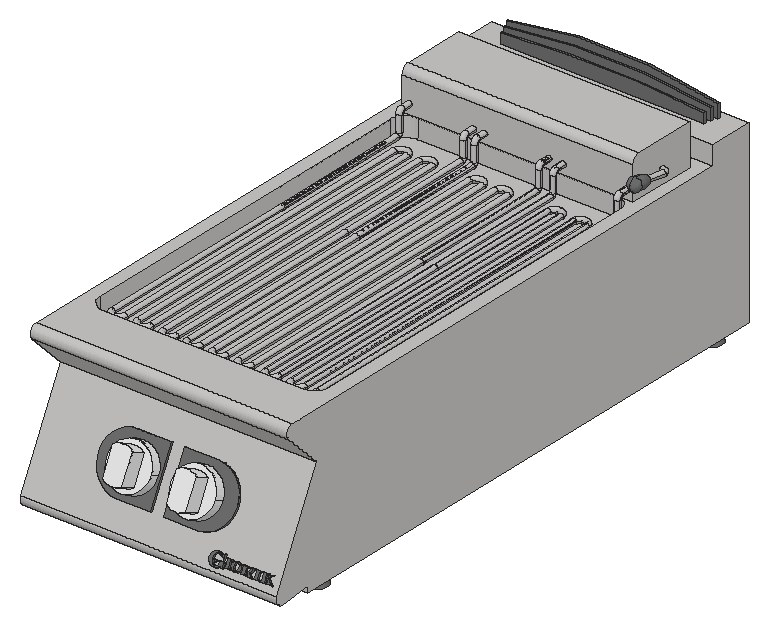
Revit family "QF_GIORIK_GL92TE", category Specialty Equipment, Revit 2014
Parameters (values of type "GL92TE")
  Weight in Pounds = 88.1848
  Watts = 5400 W
  Waste Water Discharge Temperature [instance] = 0 °C
  Volts = 400 V
  URL Cutsheet = "www.giorik.com"
  URL = "www.giorik.com"
  Status [instance] = ""
  Specification by User [instance] = ""
  Specification by Manufacturer = ""
  Show Logo [instance] = yes
  Show Clearance [instance] = yes
  Serial Number = ""
  Seismic Rating = ""
  SMACNA No = ""
  Revision Code [instance] = ""
  Plumbing Remarks [instance] = ""
  Plumbing Connection Type [instance] = ""
  Phase = 3
  Number of Poles [instance] = 3
  NAFEM Spec ID Number = ""
  Model = "GL92TE"
  Min Ckt Ampacity = 0 A
  Max Overcurrent Protection = 0 A
  Masterspec = ""
  Manufacturer = "GIORIK"
  Item Number [instance] = ""
  Installed By [instance] = ""
  Indirect Waste Size = 2 1/2"
  Indirect Waste Flow = 0.0 L/s
  Indirect Waste Connection Type [instance] = ""
  Indirect Waste Connection Height [instance] = 20 mm
  Identify Quantity as Lot [instance] = no
  HP = "7.241508000000"
  Furnished By [instance] = ""
  Foodservice Equipment Identifier [instance] = yes
  FL Amps = 0 A
  Electrical Remarks [instance] = ""
  Electric Connection Type [instance] = ""
  Elec Conn RI Height [instance] = 0 mm
  Elec Conn Connection Height [instance] = 20 mm
  Description = "ELECTRIC STEAMGRILL"
  Cycle = 50 Hz
  Conn Plug = ""
  Conn Conduit [instance] = no
  CSI MasterFormat = ""
  Assembly Code = "E1090320"
  Apparent Power = 5400 VA
Reference planes
  plane 1 "Back": y = 0
  plane 2: z = 0
  plane 3 "Left": x = 0
  plane 4 "Right": x = 400
  plane 5 "Front": y = -920
  plane 6 "Top": z = 300
Forms (mm)
  Extrusion 1, solid, visible <- "Show Logo"
    sketch origin (196.604, -936.761, 9.486) x (-1, 0, 0) y (0, 0.452718, 0.891654)
      loop
        line (-118.824, 58.358) -> (-127.804, 58.358) -> (-125.523, 56.445) -> (-125.523, 48.027) -> (-127.804, 46.113) -> (-118.824, 46.113) -> (-121.105, 48.027) -> (-121.105, 56.445) -> (-118.824, 58.358)
      loop
        line (-163.721, 58.358) -> (-172.7, 58.358) -> (-170.42, 56.445) -> (-170.42, 48.027) -> (-172.7, 46.113) -> (-163.721, 46.113) -> (-166.001, 48.027) -> (-166.001, 56.445) -> (-163.721, 58.358)
      loop
        line (-174.332, 58.358) -> (-183.312, 58.358) -> (-181.031, 56.445) -> (-181.031, 52.435) -> (-186.419, 56.955) -> (-184.416, 58.358) -> (-191.268, 58.358) -> (-188.01, 56.839) -> (-185.455, 54.283) -> (-190.846, 47.858) -> (-193.396, 46.93) -> (-193.396, 46.113) -> (-184.416, 46.113) -> (-185.437, 47.571) -> (-182.443, 51.552) -> (-181.031, 50.894) -> (-181.031, 48.027) -> (-183.312, 46.113) -> (-174.332, 46.113) -> (-176.613, 48.027) -> (-176.613, 56.445) -> (-174.332, 58.358)
      loop
        line (-115.429, 62.063) -> (-115.429, 54.198)
        arc (-115.429, 54.198) -> (-111.618, 57.803) -> (-106.847, 59.986) r 16.039
        arc (-106.847, 59.986) -> (-103.314, 59.837) -> (-100.512, 57.68) r 5.851
        arc (-100.512, 57.68) -> (-98.815, 52.267) -> (-100.512, 46.853) r 9.479
        arc (-100.512, 46.853) -> (-102.406, 44.986) -> (-104.846, 43.93) r 7.236
        arc (-104.846, 43.93) -> (-107.728, 44.111) -> (-110.052, 45.825) r 5.11
        line (-110.052, 45.825) -> (-110.052, 52.001) -> (-116.141, 52.001) -> (-116.141, 45.503) -> (-117.893, 43.751) -> (-114.094, 44.769)
        arc (-114.094, 44.769) -> (-112.56, 44.947) -> (-111.129, 44.366) r 3.115
        arc (-111.129, 44.366) -> (-104.216, 42.091) -> (-97.303, 44.366) r 11.641
        arc (-97.303, 44.366) -> (-93.396, 52.107) -> (-97.303, 59.849) r 9.622
        arc (-97.303, 59.849) -> (-104.369, 62.174) -> (-111.435, 59.849) r 11.898
        line (-111.435, 59.849) -> (-115.429, 62.063)
      loop
        arc (-129.234, 56.068) -> (-135.893, 58.628) -> (-142.552, 56.068) r 9.941
        arc (-142.552, 56.068) -> (-144.234, 52.286) -> (-142.552, 48.505) r 5.093
        arc (-142.552, 48.505) -> (-135.893, 45.945) -> (-129.234, 48.505) r 9.941
        arc (-129.234, 48.505) -> (-127.552, 52.286) -> (-129.234, 56.068) r 5.093
      loop
        arc (-132.628, 54.403) -> (-135.893, 57.668) -> (-139.158, 54.403) r 3.265
        line (-139.158, 54.403) -> (-139.158, 50.169)
        arc (-139.158, 50.169) -> (-135.893, 46.904) -> (-132.628, 50.169) r 3.265
        line (-132.628, 50.169) -> (-132.628, 54.403)
      loop
        arc (-156.363, 58.365) -> (-159.647, 55.081) -> (-156.363, 51.796) r 3.285
        line (-156.363, 51.796) -> (-159.529, 47.306) -> (-162.087, 46.113) -> (-155.847, 46.113) -> (-153.529, 51.083) -> (-150.637, 51.083) -> (-150.637, 47.784) -> (-153.022, 46.113) -> (-144.011, 46.113) -> (-146.094, 47.68) -> (-146.094, 56.493) -> (-144.229, 58.365) -> (-156.363, 58.365)
      loop
        line (-150.637, 57.512) -> (-153.637, 57.512)
        arc (-153.637, 57.512) -> (-156.237, 54.912) -> (-153.637, 52.312) r 2.6
        line (-153.637, 52.312) -> (-150.637, 52.312) -> (-150.637, 57.512)
      loop
        line (-108.924, 52.001) -> (-104.936, 49.005) -> (-100.948, 52.001) -> (-108.924, 52.001)
    from 1.5 to -0.5
  Extrusion 2, solid
    sketch origin (-4, 0, 5) x (1, 0, 0) y (0, 1, 0)
      loop
        circle (54, -385) r 12.5
    from 0 to 15
  Extrusion 3, solid
    sketch origin (0, 800, -620) x (0, 1, 0) y (0, 0, 1)
      loop
        line (-800, 919.988) -> (-870, 919.988) -> (-870, 889.988) -> (-1688.806, 889.988)
        arc (-1688.806, 889.988) -> (-1699.151, 883.075) -> (-1696.724, 870.873) r 11.197
        line (-1696.724, 870.873) -> (-1640.876, 815.025) -> (-1718.948, 661.258)
        arc (-1718.948, 661.258) -> (-1718.233, 650.105) -> (-1708.118, 645.354) r 10.981
        line (-1708.118, 645.354) -> (-1660, 649.925) -> (-1660, 640) -> (-800, 640) -> (-800, 919.988)
    from 0 to 400
  Extrusion 4, solid
    sketch origin (-273.221, -1163.956, -547.327) x (1, 0, 0) y (0, 0.452718, 0.891654)
      loop
        line (463.221, 676.25) -> (463.221, 766.25) -> (409.698, 766.25)
        arc (409.698, 766.25) -> (364.698, 721.25) -> (409.698, 676.25) r 45
        line (409.698, 676.25) -> (463.221, 676.25)
    from 48 to 50
  Extrusion 5, solid
    sketch origin (501.331, -1209.308, -524.731) x (-1, 0, 0) y (0, -0.45351, -0.891251)
      loop
        circle (351.331, -721.346) r 35
    from 0 to 15
  Extrusion 6, solid
    sketch origin (501.331, -1209.308, -524.731) x (-1, 0, 0) y (0, -0.45351, -0.891251)
      loop
        arc (336.331, -743.846) -> (351.331, -748.846) -> (366.331, -743.846) r 25
        line (366.331, -743.846) -> (366.331, -698.846)
        arc (366.331, -698.846) -> (351.331, -693.846) -> (336.331, -698.846) r 25
        line (336.331, -698.846) -> (336.331, -743.846)
    from 15 to 40
  Extrusion 7, solid
    sketch origin (-94, 0, -610.001) x (1, 0, 0) y (0, 0, 1)
      loop
        line (135, 909.989) -> (453, 909.989) -> (453, 925.527) -> (347.056, 931.749) -> (240.944, 931.749) -> (135, 925.527) -> (135, 909.989)
    from 32 to 35
  Extrusion 8, solid
    sketch origin (-92, 10, -610.001) x (1, 0, 0) y (0, 0, 1)
      loop
        line (454, 909.989) -> (454, 928.527) -> (346.162, 939.193) -> (237.838, 939.193) -> (130, 928.527) -> (130, 909.989) -> (454, 909.989)
    from 32 to 35
  Extrusion 9, solid
    sketch origin (-90, 20, -610.001) x (1, 0, 0) y (0, 0, 1)
      loop
        line (455, 909.989) -> (455, 930.527) -> (345.396, 947.413) -> (234.604, 947.413) -> (125, 930.527) -> (125, 909.989) -> (455, 909.989)
    from 32 to 35
  Extrusion 10, void
    sketch origin (0, -200, 219.988) x (0, 1, 0) y (-1, 0, 0)
      loop
        arc (0, -45) -> (-7.322, -27.322) -> (-25, -20) r 25
        line (-25, -20) -> (-589.698, -20)
        arc (-589.698, -20) -> (-607.375, -27.322) -> (-614.698, -45) r 25
        line (-614.698, -45) -> (-614.698, -355)
        arc (-614.698, -355) -> (-607.375, -372.678) -> (-589.698, -380) r 25
        line (-589.698, -380) -> (-25, -380)
        arc (-25, -380) -> (-7.322, -372.678) -> (0, -355) r 25
        line (0, -355) -> (0, -45)
    from 20 to 50
  Extrusion 11, solid
    sketch origin (464.5, -583, 1248.988) x (0, -1, 0) y (0, 0, 1)
      loop
        line (-493, -915.5) -> (-493, -979) -> (-383, -979) -> (-383, -927.5)
        arc (-383, -927.5) -> (-386.515, -919.015) -> (-395, -915.5) r 12
        line (-395, -915.5) -> (-493, -915.5)
    from 84.5 to 444.5
  Sweep 12, solid
    path origin (-435.5, 1386.369, 50.284) x (0, 0.987688, -0.156434) y (-1, 0, 0)
      loop
        line (-1551.47, -757) -> (-1551.47, -818)
        arc (-1551.47, -818) -> (-1554.162, -824.308) -> (-1560.47, -827) r 9.2
        line (-1560.47, -827) -> (-1595.47, -827)
    profile origin (352, -146, 292.988) x (0, 0.987688, -0.156434) y (0, 0.156434, 0.987688)
      loop
        circle (0, 0) r 4
  Revolve 13, solid
    sketch origin (391.5, 1381.82, -876.578) x (0, 0.987688, -0.156434) y (0, 0.156434, 0.987688)
      loop
        line (-1735.97, 916.293) -> (-1735.97, 923.293)
        arc (-1735.97, 923.293) -> (-1746.353, 925.612) -> (-1756.97, 926.293) r 68.381
        arc (-1756.97, 926.293) -> (-1764.041, 923.364) -> (-1766.97, 916.293) r 10
        line (-1766.97, 916.293) -> (-1735.97, 916.293)
      axis (-1735.97, 916.293) -> (-1766.97, 916.293)
    angle from 0 to 360
  Sweep 14, solid
    path origin (31.228, 1052.908, -530.209) x (0, 1, 0) y (0, 0, 1)
      loop
        line (-1252.907, 815) -> (-1267.907, 815)
        arc (-1267.907, 815) -> (-1271.443, 813.536) -> (-1272.907, 810) r 5
        line (-1272.907, 810) -> (-1272.907, 785)
        arc (-1272.907, 785) -> (-1274.372, 781.464) -> (-1277.907, 780) r 5
        line (-1277.907, 780) -> (-1502.907, 780)
    profile origin (31.228, -207.5, 284.791) x (0, 0, -1) y (1, 0, 0)
      loop
        circle (0, 0) r 4
  Sweep 15, solid
    path origin (-1298.25, 946.628, 249.791) x (0, 1, 0) y (-1, 0, 0)
      loop
        line (-1196.628, -1329.478) -> (-1726.628, -1329.478)
        arc (-1726.628, -1329.478) -> (-1736.628, -1339.478) -> (-1726.628, -1349.478) r 10
        line (-1726.628, -1349.478) -> (-1201.628, -1349.478)
        arc (-1201.628, -1349.478) -> (-1191.628, -1359.478) -> (-1201.628, -1369.478) r 10
        line (-1201.628, -1369.478) -> (-1726.628, -1369.478)
        arc (-1726.628, -1369.478) -> (-1736.628, -1379.478) -> (-1726.628, -1389.478) r 10
        line (-1726.628, -1389.478) -> (-1201.628, -1389.478)
        arc (-1201.628, -1389.478) -> (-1191.628, -1399.478) -> (-1201.628, -1409.478) r 10
        line (-1201.628, -1409.478) -> (-1726.628, -1409.478)
        arc (-1726.628, -1409.478) -> (-1736.628, -1419.478) -> (-1726.628, -1429.478) r 10
        line (-1726.628, -1429.478) -> (-1396.628, -1429.478)
    profile origin (31.228, -515, 249.791) x (1, 0, 0) y (0, 0, 1)
      loop
        circle (0, 0) r 4
  Sweep 16, solid
    path origin (131.228, 1052.908, -530.209) x (0, 1, 0) y (0, 0, 1)
      loop
        line (-1252.907, 815) -> (-1267.907, 815)
        arc (-1267.907, 815) -> (-1271.443, 813.536) -> (-1272.907, 810) r 5
        line (-1272.907, 810) -> (-1272.907, 785)
        arc (-1272.907, 785) -> (-1274.372, 781.464) -> (-1277.907, 780) r 5
        line (-1277.907, 780) -> (-1502.907, 780)
    profile origin (131.228, -207.5, 284.791) x (0, 0, -1) y (1, 0, 0)
      loop
        circle (0, 0) r 4
  Sweep 17, solid
    path origin (248.772, 1052.908, -530.209) x (0, 1, 0) y (0, 0, -1)
      loop
        line (-1252.907, -815) -> (-1267.907, -815)
        arc (-1267.907, -815) -> (-1271.443, -813.536) -> (-1272.907, -810) r 5
        line (-1272.907, -810) -> (-1272.907, -785)
        arc (-1272.907, -785) -> (-1274.372, -781.464) -> (-1277.907, -780) r 5
        line (-1277.907, -780) -> (-1502.907, -780)
    profile origin (248.772, -207.5, 284.791) x (0, 0, 1) y (-1, 0, 0)
      loop
        circle (0, 0) r 4
  Sweep 18, solid
    path origin (1578.25, 946.628, 249.791) x (0, 1, 0) y (-1, 0, 0)
      loop
        line (-1396.628, 1329.478) -> (-1726.628, 1329.478)
        arc (-1726.628, 1329.478) -> (-1736.628, 1339.478) -> (-1726.628, 1349.478) r 10
        line (-1726.628, 1349.478) -> (-1201.628, 1349.478)
        arc (-1201.628, 1349.478) -> (-1191.628, 1359.478) -> (-1201.628, 1369.478) r 10
        line (-1201.628, 1369.478) -> (-1726.628, 1369.478)
        arc (-1726.628, 1369.478) -> (-1736.628, 1379.478) -> (-1726.628, 1389.478) r 10
        line (-1726.628, 1389.478) -> (-1201.628, 1389.478)
        arc (-1201.628, 1389.478) -> (-1191.628, 1399.478) -> (-1201.628, 1409.478) r 10
        line (-1201.628, 1409.478) -> (-1726.628, 1409.478)
        arc (-1726.628, 1409.478) -> (-1736.628, 1419.478) -> (-1726.628, 1429.478) r 10
        line (-1726.628, 1429.478) -> (-1396.628, 1429.478)
    profile origin (248.772, -615, 249.791) x (1, 0, 0) y (0, 0, 1)
      loop
        circle (0, 0) r 4
  Sweep 19, solid
    path origin (148.772, 1052.908, -530.209) x (0, 1, 0) y (0, 0, -1)
      loop
        line (-1252.907, -815) -> (-1267.907, -815)
        arc (-1267.907, -815) -> (-1271.443, -813.536) -> (-1272.907, -810) r 5
        line (-1272.907, -810) -> (-1272.907, -785)
        arc (-1272.907, -785) -> (-1274.372, -781.464) -> (-1277.907, -780) r 5
        line (-1277.907, -780) -> (-1502.907, -780)
    profile origin (148.772, -207.5, 284.791) x (0, 0, 1) y (-1, 0, 0)
      loop
        circle (0, 0) r 4
  Sweep 20, solid
    path origin (271.228, 1052.908, -530.209) x (0, 1, 0) y (0, 0, 1)
      loop
        line (-1252.907, 815) -> (-1267.907, 815)
        arc (-1267.907, 815) -> (-1271.443, 813.536) -> (-1272.907, 810) r 5
        line (-1272.907, 810) -> (-1272.907, 785)
        arc (-1272.907, 785) -> (-1274.372, 781.464) -> (-1277.907, 780) r 5
        line (-1277.907, 780) -> (-1502.907, 780)
    profile origin (271.228, -207.5, 284.791) x (0, 0, -1) y (1, 0, 0)
      loop
        circle (0, 0) r 4
  Sweep 21, solid
    path origin (-1058.25, 946.628, 249.791) x (0, 1, 0) y (-1, 0, 0)
      loop
        line (-1396.628, -1329.478) -> (-1726.628, -1329.478)
        arc (-1726.628, -1329.478) -> (-1736.628, -1339.478) -> (-1726.628, -1349.478) r 10
        line (-1726.628, -1349.478) -> (-1201.628, -1349.478)
        arc (-1201.628, -1349.478) -> (-1191.628, -1359.478) -> (-1201.628, -1369.478) r 10
        line (-1201.628, -1369.478) -> (-1726.628, -1369.478)
        arc (-1726.628, -1369.478) -> (-1736.628, -1379.478) -> (-1726.628, -1389.478) r 10
        line (-1726.628, -1389.478) -> (-1201.628, -1389.478)
        arc (-1201.628, -1389.478) -> (-1191.628, -1399.478) -> (-1201.628, -1409.478) r 10
        line (-1201.628, -1409.478) -> (-1726.628, -1409.478)
        arc (-1726.628, -1409.478) -> (-1736.628, -1419.478) -> (-1726.628, -1429.478) r 10
        line (-1726.628, -1429.478) -> (-1396.628, -1429.478)
    profile origin (271.228, -615, 249.791) x (1, 0, 0) y (0, 0, 1)
      loop
        circle (0, 0) r 4
  Sweep 22, solid
    path origin (371.228, 1052.908, -530.209) x (0, 1, 0) y (0, 0, 1)
      loop
        line (-1252.907, 815) -> (-1267.907, 815)
        arc (-1267.907, 815) -> (-1271.443, 813.536) -> (-1272.907, 810) r 5
        line (-1272.907, 810) -> (-1272.907, 785)
        arc (-1272.907, 785) -> (-1274.372, 781.464) -> (-1277.907, 780) r 5
        line (-1277.907, 780) -> (-1502.907, 780)
    profile origin (371.228, -207.5, 284.791) x (0, 0, -1) y (1, 0, 0)
      loop
        circle (0, 0) r 4
  Extrusion 23, solid
    sketch origin (673.221, -1163.956, -547.327) x (-1, 0, 0) y (0, -0.452718, -0.891654)
      loop
        line (463.221, -676.25) -> (409.698, -676.25)
        arc (409.698, -676.25) -> (364.698, -721.25) -> (409.698, -766.25) r 45
        line (409.698, -766.25) -> (463.221, -766.25) -> (463.221, -676.25)
    from 48 to 50
  Extrusion 24, solid
    sketch origin (-101.331, -1209.308, -524.731) x (1, 0, 0) y (0, 0.45351, 0.891251)
      loop
        circle (351.331, 721.346) r 35
    from 0 to 15
  Extrusion 25, solid
    sketch origin (-101.331, -1209.308, -524.731) x (1, 0, 0) y (0, 0.45351, 0.891251)
      loop
        line (336.331, 743.846) -> (336.331, 698.846)
        arc (336.331, 698.846) -> (351.331, 693.846) -> (366.331, 698.846) r 25
        line (366.331, 698.846) -> (366.331, 743.846)
        arc (366.331, 743.846) -> (351.331, 748.846) -> (336.331, 743.846) r 25
    from 15 to 40
  Extrusion 26, solid
    sketch origin (0, 0, -25) x (0, 1, 0) y (-1, 0, 0)
      loop
        circle (-195, -350) r 12.7
    from 30 to 45
  Sweep 27, solid
    path origin (148.772, 1052.908, -530.209) x (0, 1, 0) y (0, 0, 1)
      loop
        line (-1252.907, 815) -> (-1267.907, 815)
        arc (-1267.907, 815) -> (-1271.443, 813.536) -> (-1272.907, 810) r 5
        line (-1272.907, 810) -> (-1272.907, 785)
        arc (-1272.907, 785) -> (-1274.372, 781.464) -> (-1277.907, 780) r 5
        line (-1277.907, 780) -> (-1502.907, 780)
    profile origin (148.772, -207.5, 284.791) x (0, 0, -1) y (1, 0, 0)
      loop
        circle (0, 0) r 4
  Sweep 28, solid
    path origin (-1180.705, 946.628, 249.791) x (0, 1, 0) y (-1, 0, 0)
      loop
        line (-1396.628, -1329.478) -> (-1726.628, -1329.478)
        arc (-1726.628, -1329.478) -> (-1736.628, -1339.478) -> (-1726.628, -1349.478) r 10
        line (-1726.628, -1349.478) -> (-1201.628, -1349.478)
        arc (-1201.628, -1349.478) -> (-1191.628, -1359.478) -> (-1201.628, -1369.478) r 10
        line (-1201.628, -1369.478) -> (-1726.628, -1369.478)
        arc (-1726.628, -1369.478) -> (-1736.628, -1379.478) -> (-1726.628, -1389.478) r 10
        line (-1726.628, -1389.478) -> (-1201.628, -1389.478)
        arc (-1201.628, -1389.478) -> (-1191.628, -1399.478) -> (-1201.628, -1409.478) r 10
        line (-1201.628, -1409.478) -> (-1726.628, -1409.478)
        arc (-1726.628, -1409.478) -> (-1736.628, -1419.478) -> (-1726.628, -1429.478) r 10
        line (-1726.628, -1429.478) -> (-1396.628, -1429.478)
    profile origin (148.772, -615, 249.791) x (1, 0, 0) y (0, 0, 1)
      loop
        circle (0, 0) r 4
  Sweep 29, solid
    path origin (248.772, 1052.908, -530.209) x (0, 1, 0) y (0, 0, 1)
      loop
        line (-1252.907, 815) -> (-1267.907, 815)
        arc (-1267.907, 815) -> (-1271.443, 813.536) -> (-1272.907, 810) r 5
        line (-1272.907, 810) -> (-1272.907, 785)
        arc (-1272.907, 785) -> (-1274.372, 781.464) -> (-1277.907, 780) r 5
        line (-1277.907, 780) -> (-1502.907, 780)
    profile origin (248.772, -207.5, 284.791) x (0, 0, -1) y (1, 0, 0)
      loop
        circle (0, 0) r 4
  Sweep 30, solid
    path origin (271.206, 1052.908, -530.209) x (0, 1, 0) y (0, 0, 1)
      loop
        line (-1252.907, 815) -> (-1267.907, 815)
        arc (-1267.907, 815) -> (-1271.443, 813.536) -> (-1272.907, 810) r 5
        line (-1272.907, 810) -> (-1272.907, 785)
        arc (-1272.907, 785) -> (-1274.372, 781.464) -> (-1277.907, 780) r 5
        line (-1277.907, 780) -> (-1502.907, 780)
    profile origin (271.206, -207.5, 284.791) x (0, 0, -1) y (1, 0, 0)
      loop
        circle (0, 0) r 4
  Sweep 31, solid
    path origin (-1058.272, 946.628, 249.791) x (0, 1, 0) y (-1, 0, 0)
      loop
        line (-1396.628, -1329.478) -> (-1726.628, -1329.478)
        arc (-1726.628, -1329.478) -> (-1736.628, -1339.478) -> (-1726.628, -1349.478) r 10
        line (-1726.628, -1349.478) -> (-1201.628, -1349.478)
        arc (-1201.628, -1349.478) -> (-1191.628, -1359.478) -> (-1201.628, -1369.478) r 10
        line (-1201.628, -1369.478) -> (-1726.628, -1369.478)
        arc (-1726.628, -1369.478) -> (-1736.628, -1379.478) -> (-1726.628, -1389.478) r 10
        line (-1726.628, -1389.478) -> (-1201.628, -1389.478)
        arc (-1201.628, -1389.478) -> (-1191.628, -1399.478) -> (-1201.628, -1409.478) r 10
        line (-1201.628, -1409.478) -> (-1726.628, -1409.478)
        arc (-1726.628, -1409.478) -> (-1736.628, -1419.478) -> (-1726.628, -1429.478) r 10
        line (-1726.628, -1429.478) -> (-1396.628, -1429.478)
    profile origin (271.206, -615, 249.791) x (1, 0, 0) y (0, 0, 1)
      loop
        circle (0, 0) r 4
  Sweep 32, solid
    path origin (371.206, 1052.908, -530.209) x (0, 1, 0) y (0, 0, 1)
      loop
        line (-1252.907, 815) -> (-1267.907, 815)
        arc (-1267.907, 815) -> (-1271.443, 813.536) -> (-1272.907, 810) r 5
        line (-1272.907, 810) -> (-1272.907, 785)
        arc (-1272.907, 785) -> (-1274.372, 781.464) -> (-1277.907, 780) r 5
        line (-1277.907, 780) -> (-1502.907, 780)
    profile origin (371.206, -207.5, 284.791) x (0, 0, -1) y (1, 0, 0)
      loop
        circle (0, 0) r 4
  Extrusion 33, solid
    sketch origin (543.603, 45.293, -30) x (0, 1, 0) y (-1, 0, 0)
      loop
        circle (-79.293, 516.603) r 5
    from 41.965 to 50
  Revolve 34, solid
    sketch origin (27, 49.943, -600) x (0, 1, 0) y (0, 0, 1)
      loop
        line (-83.943, 611.965) -> (-94.752, 611.965) -> (-97.943, 600) -> (-83.943, 600) -> (-83.943, 611.965)
      axis (-83.943, 611.965) -> (-83.943, 600)
    angle from 0 to 360
  Extrusion 35, solid
    sketch origin (-143.603, 45.293, -30) x (0, 1, 0) y (-1, 0, 0)
      loop
        circle (-79.293, -516.603) r 5
    from 41.965 to 50
  Revolve 36, solid
    sketch origin (373, 49.943, -600) x (0, 1, 0) y (0, 0, -1)
      loop
        line (-83.943, -611.965) -> (-83.943, -600) -> (-97.943, -600) -> (-94.752, -611.965) -> (-83.943, -611.965)
      axis (-83.943, -611.965) -> (-83.943, -600)
    angle from 0 to 360
  Extrusion 37, solid
    sketch origin (543.603, -724.774, -30) x (0, 1, 0) y (-1, 0, 0)
      loop
        circle (-79.293, 516.603) r 5
    from 41.965 to 50
  Revolve 38, solid
    sketch origin (27, -720.125, -600) x (0, 1, 0) y (0, 0, 1)
      loop
        line (-83.943, 611.965) -> (-94.752, 611.965) -> (-97.943, 600) -> (-83.943, 600) -> (-83.943, 611.965)
      axis (-83.943, 611.965) -> (-83.943, 600)
    angle from 0 to 360
  Extrusion 39, solid
    sketch origin (-143.603, -724.774, -30) x (0, 1, 0) y (-1, 0, 0)
      loop
        circle (-79.293, -516.603) r 5
    from 41.965 to 50
  Revolve 40, solid
    sketch origin (373, -720.125, -600) x (0, 1, 0) y (0, 0, -1)
      loop
        line (-83.943, -611.965) -> (-83.943, -600) -> (-97.943, -600) -> (-94.752, -611.965) -> (-83.943, -611.965)
      axis (-83.943, -611.965) -> (-83.943, -600)
    angle from 0 to 360
Cuts and joins
  Extrusion 10 cuts Extrusion 3
Lines and regions (mm)
  symbolic lines, style "200-EquipBorder-2D"
    curve 1: line (0, -920, 0) -> (400, -920, 0)
    curve 2: line (400, -920, 0) -> (400, 0, 0)
    curve 3: line (400, 0, 0) -> (0, 0, 0)
    curve 4: line (0, 0, 0) -> (0, -920, 0)
  symbolic lines, style "200-EquipInternal-2D"
    curve 5: line (0, -70, 300) -> (400, -70, 300)
    curve 6: line (35, -12, 900) -> (365, -12, 900)
    curve 7: line (365, -12, 900) -> (365, -15, 900)
    curve 8: line (365, -15, 900) -> (35, -15, 900)
    curve 9: line (35, -15, 900) -> (35, -12, 900)
    curve 10: line (38, -22, 900) -> (362, -22, 900)
    curve 11: line (362, -22, 900) -> (362, -25, 900)
    curve 12: line (362, -25, 900) -> (38, -25, 900)
    curve 13: line (38, -25, 900) -> (38, -22, 900)
    curve 14: line (41, -32, 900) -> (359, -32, 900)
    curve 15: line (359, -32, 900) -> (359, -35, 900)
    curve 16: line (359, -35, 900) -> (41, -35, 900)
    curve 17: line (41, -35, 900) -> (41, -32, 900)
    curve 18: line (27.198, -200, 300) -> (27.198, -780, 300)
    curve 19: arc (27.198, -780, 300) -> (41.221, -794.023, 300) -> (55.244, -780, 300) r 14.023
    curve 20: line (55.244, -780, 300) -> (55.244, -255, 300)
    curve 21: arc (55.244, -255, 300) -> (61.198, -249.046, 300) -> (67.153, -255, 300) r 5.954
    curve 22: line (67.153, -255, 300) -> (67.153, -780, 300)
    curve 23: arc (67.153, -780, 300) -> (81.174, -794.021, 300) -> (95.195, -780, 300) r 14.021
    curve 24: line (95.195, -780, 300) -> (95.195, -255, 300)
    curve 25: arc (95.195, -255, 300) -> (101.209, -248.986, 300) -> (107.222, -255, 300) r 6.013
    curve 26: line (107.222, -255, 300) -> (107.222, -780, 300)
    curve 27: arc (107.222, -780, 300) -> (121.236, -794.014, 300) -> (135.25, -780, 300) r 14.014
    curve 28: line (135.25, -780, 300) -> (135.25, -200, 300)
    curve 29: line (127.255, -200, 300) -> (127.255, -780, 300)
    curve 30: line (115.195, -780, 300) -> (115.195, -255, 300)
    curve 31: line (87.229, -255, 300) -> (87.229, -780, 300)
    curve 32: arc (87.229, -780, 300) -> (81.208, -786.021, 300) -> (75.187, -780, 300) r 6.021
    curve 33: line (75.187, -780, 300) -> (75.187, -255, 300)
    curve 34: line (47.264, -255, 300) -> (47.264, -780, 300)
    curve 35: arc (47.264, -780, 300) -> (41.247, -786.017, 300) -> (35.229, -780, 300) r 6.017
    curve 36: line (35.229, -780, 300) -> (35.229, -200, 300)
    curve 37: arc (27.198, -207.448, 300) -> (21.869, -215.515, 300) -> (20, -225, 300) r 25
    curve 38: arc (35.229, -201.988, 300) -> (39.683, -200.606, 300) -> (44.307, -200, 300) r 27.373
    curve 39: arc (355.524, -200, 300) -> (361.575, -200.879, 300) -> (367.233, -203.197, 300) r 25.066
    curve 40: arc (375.228, -210.308, 300) -> (378.777, -217.276, 300) -> (380, -225, 300) r 25
    curve 41: line (144.742, -200, 300) -> (144.742, -780, 300)
    curve 42: arc (144.742, -780, 300) -> (158.766, -794.023, 300) -> (172.789, -780, 300) r 14.023
    curve 43: line (172.789, -780, 300) -> (172.789, -255, 300)
    curve 44: arc (172.789, -255, 300) -> (178.743, -249.046, 300) -> (184.697, -255, 300) r 5.954
    curve 45: line (184.697, -255, 300) -> (184.697, -780, 300)
    curve 46: arc (184.697, -780, 300) -> (198.719, -794.021, 300) -> (212.74, -780, 300) r 14.021
    curve 47: line (212.74, -780, 300) -> (212.74, -255, 300)
    curve 48: arc (212.74, -255, 300) -> (218.753, -248.986, 300) -> (224.767, -255, 300) r 6.013
    curve 49: line (224.767, -255, 300) -> (224.767, -780, 300)
    curve 50: arc (224.767, -780, 300) -> (238.781, -794.014, 300) -> (252.794, -780, 300) r 14.014
    curve 51: line (252.794, -780, 300) -> (252.794, -200, 300)
    curve 52: line (244.8, -200, 300) -> (244.8, -780, 300)
    curve 53: line (232.74, -780, 300) -> (232.74, -255, 300)
    curve 54: arc (232.74, -255, 300) -> (218.757, -241.017, 300) -> (204.774, -255, 300) r 13.983
    curve 55: line (204.774, -255, 300) -> (204.774, -780, 300)
    curve 56: arc (204.774, -780, 300) -> (198.753, -786.021, 300) -> (192.731, -780, 300) r 6.021
    curve 57: line (192.731, -780, 300) -> (192.731, -255, 300)
    curve 58: line (164.809, -255, 300) -> (164.809, -780, 300)
    curve 59: arc (164.809, -780, 300) -> (158.791, -786.017, 300) -> (152.774, -780, 300) r 6.017
    curve 60: line (152.774, -780, 300) -> (152.774, -200, 300)
    curve 61: line (267.176, -200, 300) -> (267.176, -780, 300)
    curve 62: arc (267.176, -780, 300) -> (281.199, -794.023, 300) -> (295.222, -780, 300) r 14.023
    curve 63: line (295.222, -780, 300) -> (295.222, -255, 300)
    curve 64: arc (295.222, -255, 300) -> (301.176, -249.046, 300) -> (307.131, -255, 300) r 5.954
    curve 65: line (307.131, -255, 300) -> (307.131, -780, 300)
    curve 66: arc (307.131, -780, 300) -> (321.152, -794.021, 300) -> (335.173, -780, 300) r 14.021
    curve 67: line (335.173, -780, 300) -> (335.173, -255, 300)
    curve 68: arc (335.173, -255, 300) -> (341.186, -248.986, 300) -> (347.2, -255, 300) r 6.013
    curve 69: line (347.2, -255, 300) -> (347.2, -780, 300)
    curve 70: arc (347.2, -780, 300) -> (361.214, -794.014, 300) -> (375.228, -780, 300) r 14.014
    curve 71: line (375.228, -780, 300) -> (375.228, -200, 300)
    curve 72: line (367.233, -200, 300) -> (367.233, -780, 300)
    curve 73: line (355.173, -780, 300) -> (355.173, -255, 300)
    curve 74: arc (355.173, -255, 300) -> (341.19, -241.017, 300) -> (327.207, -255, 300) r 13.983
    curve 75: line (327.207, -255, 300) -> (327.207, -780, 300)
    curve 76: arc (327.207, -780, 300) -> (321.186, -786.021, 300) -> (315.165, -780, 300) r 6.021
    curve 77: line (315.165, -780, 300) -> (315.165, -255, 300)
    curve 78: line (287.242, -255, 300) -> (287.242, -780, 300)
    curve 79: arc (287.242, -780, 300) -> (281.224, -786.017, 300) -> (275.207, -780, 300) r 6.017
    curve 80: line (275.207, -780, 300) -> (275.207, -200, 300)
    curve 81: line (45, -814.698, 300) -> (355, -814.698, 300)
    curve 82: arc (115.195, -780, 300) -> (121.225, -786.03, 300) -> (127.255, -780, 300) r 6.03
    curve 83: arc (232.74, -780, 300) -> (238.77, -786.03, 300) -> (244.8, -780, 300) r 6.03
    curve 84: arc (367.233, -780, 300) -> (361.203, -786.03, 300) -> (355.173, -780, 300) r 6.03
    curve 85: arc (355, -814.698, 300) -> (372.678, -807.375, 300) -> (380, -789.698, 300) r 25
    curve 86: arc (45, -814.698, 300) -> (27.322, -807.375, 300) -> (20, -789.698, 300) r 25
    curve 87: line (20, -789.698, 300) -> (20, -225, 300)
    curve 88: line (380, -225, 300) -> (380, -789.698, 300)
    curve 89: line (20, -200, 300) -> (20, -90, 300)
    curve 90: line (20, -90, 300) -> (380, -90, 300)
    curve 91: line (380, -90, 300) -> (380, -200, 300)
    curve 92: line (380, -142, 300) -> (382.536, -142, 300)
    curve 93: line (380, -149.982, 300) -> (382.404, -149.982, 300)
    curve 94: line (387.501, -155.079, 300) -> (387.501, -188.518, 300)
    curve 95: line (395.499, -154.963, 300) -> (395.499, -188.518, 300)
    curve 96: arc (382.404, -149.982, 300) -> (386.008, -151.475, 300) -> (387.501, -155.079, 300) r 5.097
    curve 97: arc (382.536, -142, 300) -> (391.702, -145.797, 300) -> (395.499, -154.963, 300) r 12.963
    curve 98: arc (381.533, -210.204, 300) -> (391.533, -220.204, 300) -> (401.533, -210.204, 300) r 10
    curve 99: arc (401.533, -210.204, 300) -> (400.804, -199.779, 300) -> (398.631, -189.557, 300) r 74.904
    curve 100: arc (384.461, -189.443, 300) -> (382.269, -199.721, 300) -> (381.533, -210.204, 300) r 75.072
    curve 101: arc (395.499, -188.518, 300) -> (397.163, -188.743, 300) -> (398.631, -189.557, 300) r 4.546
    curve 102: arc (387.501, -188.518, 300) -> (385.891, -188.685, 300) -> (384.461, -189.443, 300) r 4.244
    curve 103: line (20, -200, 300) -> (380, -200, 300)
    curve 104: arc (75.187, -255, 300) -> (61.225, -241.039, 300) -> (47.264, -255, 300) r 13.961
    curve 105: arc (115.195, -255, 300) -> (101.212, -241.017, 300) -> (87.229, -255, 300) r 13.983
    curve 106: arc (192.731, -255, 300) -> (178.77, -241.039, 300) -> (164.809, -255, 300) r 13.961
    curve 107: arc (315.165, -255, 300) -> (301.203, -241.039, 300) -> (287.242, -255, 300) r 13.961
Dimensions and locks
  plane 3 "Left" to plane 4 "Right" = 400 mm
  plane 5 "Front" to plane 1 "Back" = 920 mm
  plane 4 "Right" to plane 3 "Left" = 400 mm
  plane 1 "Back" to plane 5 "Front" = 920 mm
  plane 6 "Top" to level = 300 mm  (x2)
  aligned and locked: level to plane 2
Connectors
  piping at (350, -195, 5), diameter 63.5, driven by "Indirect Waste Size", driven by "Indirect Waste Flow"
    settings: on Extrusion 26, index 2, connector inside diameter 24", connector length 0 mm, flow factor 0, pipe flow 0.0 L/s, pressure drop 0.0 Pa, fitting loss kfactor 0, connector angle 0.00°, fixture units 0, engagement length 0 mm, angle of deflection 0.00°, flow configuration 1, flow direction 2, fitting loss method 0, system type 16, joint type 0, gender type 0, connector reference index -1, connector utility 0, adjustable connector no, is connector primary yes, connector description "Water drain"
  electrical at (50, -385, 5), driven by "Apparent Power", driven by "Volts", driven by "Number of Poles"
    settings: on Extrusion 2, index 3, voltage 400 V, apparent load 0 VA, apparent load phase1 5400 VA, apparent load phase2 0 VA, apparent load phase3 0 VA, power factor 1, load classification "Other", number of poles 3, system type 31, power factor state 1, is connector primary yes, connector utility no, sub classification motor no, connector description "Electric connection"
